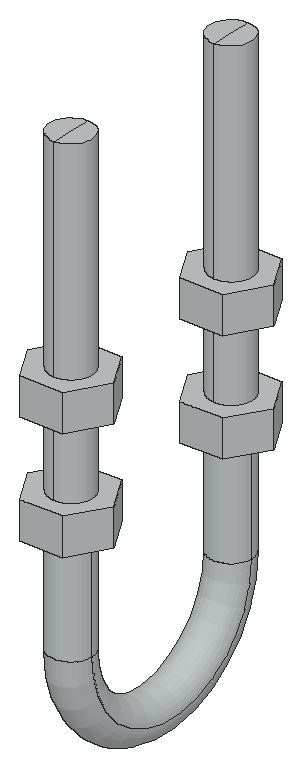
Revit family "7610Z U-Bolt", category Pipe Accessories, Revit 2018
Family settings
  Round Connector Dimension = Use Diameter
  Part Type = Valve - Breaks Into
  Work Plane-Based = No
  Always vertical = Yes
  Cut with Voids When Loaded = No
  Shared = No
Parameters (values of type "7610Z U-Bolt")
  Weight [instance] = size_lookup(LookupTable, "Weight", "NA", Nominal Diameter)  # "0.86 lbs."
  URL = "http://www.fnw.com"
  Standards Lookup Table = "Standards"  # constant formula
  Standard Description [instance] = size_lookup(LookupTable, "Description_BOM", "NA", Nominal Diameter)  # "1/2 Zinc Standard U Bolt With Double Hex NUT"
  R2 [instance] = C / 2  # 0.59375"
  R1 [instance] = D - E  # 0.4375"
  Product ID [instance] = size_lookup(LookupTable, "ProductID", "NA", Nominal Diameter)  # "4255198"
  Part Number [instance] = size_lookup(LookupTable, "PartNumber", "NA", Nominal Diameter)  # "FNW7610Z0050"
  Nominal Diameter [instance] = 1/2"
  NR [instance] = size_lookup(NL, "nut_dia", 0.000", A)  # 0.4375"
  NL = "nut_hex_US"  # constant formula
  NH [instance] = size_lookup(NL, "nut_height", 0.000", A)  # 0.21875"
  LookupTable = "7610Z U-Bolt"  # constant formula
  FM [instance] = F - (NH * 3)  # 1.46875"
  F [instance] = size_lookup(LookupTable, "F", 0.000", Nominal Diameter)  # 2.125"
  Extended Bolt Length [instance] = 0.000"
  E [instance] = size_lookup(LookupTable, "E", 0.000", Nominal Diameter) + Extended Bolt Length  # 2.3125"
  Description BOM [instance] = if(Extended Bolt Length > 0.000", Custom Description, Standard Description)  # "1/2 Zinc Standard U Bolt With Double Hex NUT"
  D [instance] = size_lookup(LookupTable, "D", 0.000", Nominal Diameter) + Extended Bolt Length  # 2.750"
  Custom Description [instance] = "Custom U Bolt Assembly"
  C [instance] = size_lookup(LookupTable, "C", 0.000", Nominal Diameter)  # 1.1875"
  BR [instance] = (C - B) / 2  # 0.125"
  B [instance] = size_lookup(LookupTable, "B", 0.000", Nominal Diameter)  # 0.9375"
  A [instance] = size_lookup(LookupTable, "A", 0.000", Nominal Diameter)  # 0.250"
Reference planes (in)
  plane 1 "Center (Front/Back)": y = 0
  plane 2: z = 0
  plane 3 "Center (Left/Right)": x = 0
  plane 4: y = 0.59375
  plane 5: y = -0.59375
  plane 6: z = 2.75
  plane 7: y = -0.46875
  plane 8: y = 0.46875
  plane 9: z = 0.4375
  plane 10: z = -0.4375
  plane 11 "HH1": z = 0.625
  plane 12 "HH2": z = 1.28125
Forms (in)
  Revolve 1, solid, material "Steel, Galvanized"
    sketch origin (0, 0, 0) x (0, 1, 0) y (0, 0, 1)
      loop
        line (-0.59375, 0.625) -> (-0.46875, 0.625) -> (-0.46875, 2.75) -> (-0.59375, 2.75) -> (-0.59375, 0.625)
      axis (-0.59375, 2.75) -> (-0.59375, 0.625)
    angle from 0 to 360
  Revolve 2, solid, material "Steel, Galvanized"
    sketch origin (0, 0, 0) x (0, 1, 0) y (0, 0, 1)
      loop
        line (0.59375, 2.75) -> (0.46875, 2.75) -> (0.46875, 0.625) -> (0.59375, 0.625) -> (0.59375, 2.75)
      axis (0.59375, 2.75) -> (0.59375, 0.625)
    angle from 0 to 360
  Sweep 3, solid, material "Steel, Galvanized"
    path in 3D
      loop
        line (0, -0.59375, 0.625) -> (0, -0.59375, 0)
        arc (0, -0.59375, 0) -> (0, 0, -0.59375) -> (0, 0.59375, 0) r 0.59375
        line (0, 0.59375, 0) -> (0, 0.59375, 0.625)
    profile origin (0, -0.59375, 0.3125) x (1, 0, 0) y (0, 1, 0)
      loop
        circle (0, 0) r 0.125
Lines and regions (in)
  model lines, not visible
    curve 1: line (0, -0.59375, 0.625) -> (0, -0.59375, 0)
    curve 2: line (0, 0.59375, 0.625) -> (0, 0.59375, 0)
    curve 3: arc (0, -0.59375, 0) -> (0, 0, -0.59375) -> (0, 0.59375, 0) r 0.59375
  sketch lines
    curve 4: line (0, -0.59375, 0.625) -> (0, -0.59375, 0)
    curve 5: arc (0, -0.59375, 0) -> (0, 0, -0.59375) -> (0, 0.59375, 0) r 0.59375
    curve 6: line (0, 0.59375, 0.625) -> (0, 0.59375, 0)
  model lines, style "center"
    curve 7: line (0, 0, 0.94979) -> (0, 0, -1.11496)
    curve 8: line (0, -0.59375, 0) -> (0, 0.59375, 0)
Dimensions and locks (in)
  equal spacing: plane 5, plane 1 "Center (Front/Back)", plane 4  (x2)
  plane 5 to plane 4 = 1.1875"
  "C": plane 5 to plane 4
  "D": plane 2 to plane 6
  equal spacing: plane 7, plane 1 "Center (Front/Back)", plane 8
  "B": plane 7 to plane 8
  "E": plane 9 to plane 6
  "R1": plane 2 to plane 10
  "F": plane 11 "HH1" to plane 6
  "FM": plane 12 "HH2" to plane 6
  "R2": radius of curve 3
  "BR": radius of Sweep 3 sketch curve
  aligned and locked: plane 2 to level
  aligned and locked: Revolve 1 sketch curve to plane 11 "HH1"
  aligned and locked: plane 7 to Revolve 1 sketch curve
  aligned and locked: Revolve 1 sketch curve to plane 5  (x2)
  aligned and locked: Revolve 1 sketch curve to plane 6
  aligned and locked: plane 4 to Revolve 2 sketch curve
  aligned and locked: Revolve 2 sketch curve to plane 6
  aligned and locked: Revolve 2 sketch curve to plane 4
  aligned and locked: Revolve 2 sketch curve to plane 11 "HH1"
  aligned and locked: Revolve 2 sketch curve to plane 8
  aligned and locked: plane 11 "HH1" to curve 2
  aligned and locked: plane 2 to curve 2
  aligned and locked: plane 11 "HH1" to curve 1
  aligned and locked: nested 4 to plane 5
  aligned and locked: nested 2 to plane 5
  aligned and locked: plane 4 to nested 3
  aligned and locked: plane 4 to nested 1
  aligned and locked: curve 8 to plane 2
Automatic sketch dimensions
  plane 11 "HH1" to Revolve 1 sketch curve = 0.28333"
  Revolve 1 sketch curve to plane 6 = 0.09198"
  plane 9 to Revolve 2 sketch curve = 0.1403"
  Revolve 2 sketch curve to Revolve 2 sketch curve = 0.09198"
  curve 1 to plane 5 = 0.000"
  curve 7 to plane 1 "Center (Front/Back)" = 0.000"
  plane 10 to curve 7 = 0.67746"
  plane 11 "HH1" to curve 7 = 0.32479"
  profile plane to Sweep 3 sketch curve = 0.000"
  Sweep 3 sketch curve to profile plane = 0.000"
Nested families (in)
  nested 1: "nest hex nut" at (0, 0.59375, 0.625), BHX1 <- "NH", SCD3 <- "NR", type "nest hex nut"
    with Weight "", SCR3 0.21875", SCD3 0.4375", Product ID "", Part Number "", Nominal Diameter 1/2", Description BOM "", Center of Hex 12.000", BHX1 0.21875"
  nested 2: "nest hex nut" at (0, -0.59375, 0.625), BHX1 <- "NH", SCD3 <- "NR", type "nest hex nut"
    with Weight "", SCR3 0.21875", SCD3 0.4375", Product ID "", Part Number "", Nominal Diameter 1/2", Description BOM "", Center of Hex 12.000", BHX1 0.21875"
  nested 3: "nest hex nut" at (0, 0.59375, 1.28125), BHX1 <- "NH", SCD3 <- "NR", type "nest hex nut"
    with Weight "", SCR3 0.21875", SCD3 0.4375", Product ID "", Part Number "", Nominal Diameter 1/2", Description BOM "", Center of Hex 12.000", BHX1 0.21875"
  nested 4: "nest hex nut" at (0, -0.59375, 1.28125), BHX1 <- "NH", SCD3 <- "NR", type "nest hex nut"
    with Weight "", SCR3 0.21875", SCD3 0.4375", Product ID "", Part Number "", Nominal Diameter 1/2", Description BOM "", Center of Hex 12.000", BHX1 0.21875"
Definition of nested family "nest hex nut"
  Parameters (values of type "nest hex nut")
    Weight [instance] = ""
    URL = "http://www.fnw.com"
    Standards Lookup Table = "Standards"  # constant formula
    SCR3 [instance] = SCD3 / 2  # 0.500"
    SCD3 [instance] = 1.000"
    Product ID [instance] = ""
    Part Number [instance] = ""
    Nominal Diameter [instance] = 1/2"
    LookupTable = ""
    Description BOM [instance] = ""
    Default Elevation = 48.000"
    Center of Hex [instance] = 12.000"
    BHX1 [instance] = 0.70262"
    120 = 120.00°
  Reference planes (in)
    plane 1 "Center (Front/Back)": y = 0
    plane 2: z = 0
    plane 3 "Center (Left/Right)": x = 0
    plane 4: z = 0.70262
    plane 5: x = 0
  Forms (in)
    Extrusion 1, solid
      sketch origin (-12, 0, 0) x (1, 0, 0) y (0, 1, 0)
        loop
          line (12.57735, 0) -> (12.28868, 0.5) -> (11.71132, 0.5) -> (11.42265, 0) -> (11.71132, -0.5) -> (12.28868, -0.5) -> (12.57735, 0)
      from 0 to 0.70262
  Dimensions and locks (in)
    "BHX1": plane 4 to plane 2
    equal spacing: Extrusion 1 sketch curve, plane 5, Extrusion 1 sketch curve  (x2)
    equal spacing: Extrusion 1 sketch curve, plane 1 "Center (Front/Back)", Extrusion 1 sketch curve
    "SCD3": Extrusion 1 sketch curve to Extrusion 1 sketch curve  (x3)
    "120": angle Extrusion 1 sketch curve to Extrusion 1 sketch curve  (x5)
    aligned and locked: plane 2 to level
    aligned and locked: Extrusion 1 to plane 4
    aligned and locked: Extrusion 1 to plane 2
